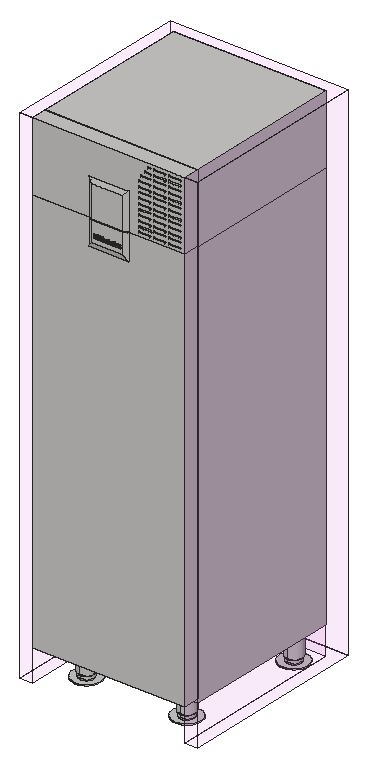
Revit family "QF_ELECTROLUXPROFESSIONAL_691388_PS04F1FM", category Attrezzature speciali, Revit 2018
Family settings
  Quota connettore circolare = Usa diametro
  Tipo di parte = Normale
  Basato su piano di lavoro = No
  Sempre verticale = Sì
  Taglio con vuoti quando caricato = No
  Condiviso = No
  Punto di calcolo locali = No
Parameters (values of type "Standard")
  Weight = 229.281 lbm
  Watts = 620 W
  Volts = 220 V
  URL Manufacturer = "https://www.electroluxprofessional.com/"
  URL = "https://www.electroluxprofessional.com/"
  Steam Supply Size = 0"
  Steam Supply Minimum Pressure = 0.00 psi
  Steam Supply Maximum Pressure = 0.00 psi
  Steam Consumption per Hour = 0
  Show Clearance [instance] = yes
  Refrigeration Suction Line Size = 0 mm
  Refrigeration Liquid Line Size = 0 mm
  Refrigerant Compressor Remote = yes
  Phase = 1
  Modello = "PS04F1FM"
  Produttore = "Electrolux Professional"
  Length Actual = 600 mm  # constant formula
  Item Number = "691388"
  Hot Water Size = 0"
  Height Actual = 2040 mm  # constant formula
  HP = "0.8 HP"
  Gas Size = 0"
  Gas KW = 0
  Gas Input Pressure = 0.0 Btu/h
  Direct Waste Size = 0"
  Descrizione = "1-DOOR FREEZER 470L -15/-22°C, DIGITAL PROSTORE - R290 - 50/60HZ - MARINE"
  Depth Actual = 700 mm  # constant formula
  Cycle = 50 Hz
  Condensate Return Size = 0"
  Compressed Air Volume = 0 GPM
  Compressed Air Size = 0"
  Compressed Air Pressure = 0.00 psi
  Cold Water Size = 0"
  Accessory = yes
Types (2, lengths in mm): name | URL | Phase | Modello | Produttore | Descrizione
  (no name) | "http://professional.electrolux.com/" | 0 | "RBC201" | "Electrolux" | "BLAST CHILLER 56 KG 20 GN1/1"
  Standard | "https://www.electroluxprofessional.com/" | 1 | "PS04F1FM" | "Electrolux Professional" | "1-DOOR FREEZER 470L -15/-22°C, DIGITAL PROSTORE - R290 - 50/60HZ - MARINE"
Values of the unnamed type that differ from the named types
  Weight = 0.00 lbm
  Watts = 0 W
  Volts = 0 V
  URL Manufacturer = ""
  Item Number = ""
  HP = ""
  Cycle = 0 Hz
Reference planes
  plane 1 "BACK": y = 0
  plane 2: z = 0
  plane 3 "LEFT": x = 0
  plane 4 "RIGHT": x = 600
  plane 5 "FRONT": y = -700
  plane 6 "TOP": z = 2040
  plane 7 "Center Y": x = 300
  plane 8 "Center X": y = -350
  plane 9: x = 102
  plane 10: x = 498
  plane 11: z = 115
  plane 12: z = 86
  plane 13: y = -80
  plane 14: y = -694
  plane 15: y = -1227
  plane 16: y = -630
  plane 17: z = 1770
  plane 18: x = -50
  plane 19: y = 50
  plane 20: x = 650
  plane 21: z = 1995
Forms (mm)
  Extrusion 1, solid, material "QF_Metal - Stainless - Polished"
    sketch origin (0, 0, 0) x (1, 0, 0) y (0, 0, 1)
      loop
        line (0, 1995) -> (0, 1724.003) -> (600, 1724.003) -> (600, 1995) -> (0, 1995)
    from 0 to 630
  Extrusion 2, solid, material "QF_Metal - Stainless - Polished"
    sketch origin (0, 0, 0) x (1, 0, 0) y (0, 0, 1)
      loop
        line (0, 1724.003) -> (0, 115) -> (600, 115) -> (600, 1724.003) -> (0, 1724.003)
    from 0 to 630
  Extrusion 3, solid, material "QF_Metal - Stainless - Polished"
    sketch origin (-370, 0, -128) x (1, 0, 0) y (0, 0, 1)
      loop
        circle (450, 1847.083) r 20
    from -7.507 to 0
  Extrusion 4, solid, material "QF_Metal - Stainless - Polished"
    sketch origin (0, 130.478, -45) x (1, 0, 0) y (0, 0, 1)
      loop
        line (0, 2040) -> (0, 1770) -> (600, 1770) -> (600, 2040) -> (0, 2040)
    from 760.478 to 824.478
  Extrusion 5, solid, material "QF_Metal - Stainless - Polished"
    sketch origin (0, 140, 0) x (1, 0, 0) y (0, 0, 1)
      loop
        line (0, 1725) -> (0, 127.536) -> (600, 127.536) -> (600, 1725) -> (0, 1725)
    from 834 to 770
  Revolve 6, solid, material "QF_Metal - Stainless - Polished"
    sketch origin (497.59, -2.833, 0) x (0, 1, 0) y (0, 0, -1)
      loop
        line (-590.954, -115) -> (-553.167, -115) -> (-553.167, 0) -> (-578.757, 0)
        arc (-578.757, 0) -> (-580.973, -2.655) -> (-581.767, -6.021) r 7.527
        line (-581.767, -6.021) -> (-581.767, -17.561) -> (-585.28, -21.074) -> (-585.28, -110.008) -> (-590.954, -110.008) -> (-590.954, -115)
      axis (-553.167, 0) -> (-553.167, -115)
    angle from 0 to 360
  Revolve 7, solid, material "QF_Metal - Stainless - Polished"
    sketch origin (102, -2.833, 0) x (0, 1, 0) y (0, 0, 1)
      loop
        line (-590.954, 115) -> (-590.954, 110.008) -> (-585.28, 110.008) -> (-585.28, 21.074) -> (-581.767, 17.561) -> (-581.767, 6.021)
        arc (-581.767, 6.021) -> (-580.973, 2.655) -> (-578.757, 0) r 7.527
        line (-578.757, 0) -> (-553.167, 0) -> (-553.167, 115) -> (-590.954, 115)
      axis (-553.167, 0) -> (-553.167, 115)
    angle from 0 to 360
  Revolve 8, solid, material "QF_Metal - Stainless - Polished"
    sketch origin (538, -759.167, 0) x (0, -1, 0) y (0, 0, 1)
      loop
        line (-716.954, 115) -> (-716.954, 110.008) -> (-711.28, 110.008) -> (-711.28, 21.074) -> (-707.767, 17.561) -> (-707.767, 6.021)
        arc (-707.767, 6.021) -> (-706.973, 2.655) -> (-704.757, 0) r 7.527
        line (-704.757, 0) -> (-679.167, 0) -> (-679.167, 115) -> (-716.954, 115)
      axis (-679.167, 0) -> (-679.167, 115)
    angle from 0 to 360
  Revolve 9, solid, material "QF_Metal - Stainless - Polished"
    sketch origin (62, -759.167, 0) x (0, -1, 0) y (0, 0, 1)
      loop
        line (-716.954, 115) -> (-716.954, 110.008) -> (-711.28, 110.008) -> (-711.28, 21.074) -> (-707.767, 17.561) -> (-707.767, 6.021)
        arc (-707.767, 6.021) -> (-706.973, 2.655) -> (-704.757, 0) r 7.527
        line (-704.757, 0) -> (-679.167, 0) -> (-679.167, 115) -> (-716.954, 115)
      axis (-679.167, 0) -> (-679.167, 115)
    angle from 0 to 360
  Blend 10, solid, material "QF_Metal - Stainless - Polished"
    base sketch origin (-150, -694, 0) x (1, 0, 0) y (0, 0, 1)
      loop
        line (370, 1869.822) -> (370, 1619.822) -> (530, 1619.822) -> (530, 1869.822) -> (370, 1869.822)
    top sketch origin (-150, -694, 0) x (1, 0, 0) y (0, 0, 1)
      loop
        line (510, 1849.822) -> (390, 1849.822) -> (390, 1639.822) -> (510, 1639.822) -> (510, 1849.822)
    from 0 to 6
  Extrusion 11, void
    sketch origin (-150, -700, 0) x (-1, 0, 0) y (0, 0, 1)
      loop
        line (-370, 1725.997) -> (-530, 1725.997) -> (-530, 1724.003) -> (-370, 1724.003) -> (-370, 1725.997)
    from 0 to 6
  Extrusion 12, solid, material "QF_Door-Drawer Clearances"
    sketch origin (0, 0, 0) x (1, 0, 0) y (0, 1, 0)
      loop
        line (0, -694) -> (0, 0) -> (600, 0) -> (600, -694) -> (650, -694) -> (650, 50) -> (-50, 50) -> (-50, -694) -> (0, -694)
    from 0 to 1995
  Extrusion 13, solid, material "QF_Metal - Stainless - Polished"
    sketch origin (497.59, -556, 0) x (0, -1, 0) y (-1, 0, 0)
      loop
        circle (0, 0) r 55.59
    from 0 to -1.917
  Extrusion 14, solid, material "QF_Metal - Stainless - Polished"
    sketch origin (102, -556, 0) x (0, -1, 0) y (-1, 0, 0)
      loop
        circle (0, 0) r 55.59
    from 0 to -1.917
  Extrusion 15, solid, material "QF_Metal - Stainless - Polished"
    sketch origin (62, -80, 0) x (0, -1, 0) y (-1, 0, 0)
      loop
        circle (0, 0) r 55.59
    from 0 to -1.917
  Extrusion 16, solid, material "QF_Metal - Stainless - Polished"
    sketch origin (538, -80, 0) x (0, -1, 0) y (-1, 0, 0)
      loop
        circle (0, 0) r 55.59
    from 0 to -1.917
  Extrusion 17, void
    sketch origin (0, -694, -45) x (-1, 0, 0) y (0, 0, 1)
      loop
        line (-537.804, 1788.817) -> (-587.804, 1788.817) -> (-587.804, 1780.817) -> (-537.804, 1780.817) -> (-537.804, 1788.817)
      loop
        line (-477.804, 1788.817) -> (-527.804, 1788.817) -> (-527.804, 1780.817) -> (-477.804, 1780.817) -> (-477.804, 1788.817)
      loop
        line (-417.804, 1788.817) -> (-467.804, 1788.817) -> (-467.804, 1780.817) -> (-417.804, 1780.817) -> (-417.804, 1788.817)
    from 0 to 2
  Extrusion 18, void
    sketch origin (0, -694, 195) x (-1, 0, 0) y (0, 0, 1)
      loop
        line (-537.804, 1788.817) -> (-587.804, 1788.817) -> (-587.804, 1780.817) -> (-537.804, 1780.817) -> (-537.804, 1788.817)
      loop
        line (-477.804, 1788.817) -> (-527.804, 1788.817) -> (-527.804, 1780.817) -> (-477.804, 1780.817) -> (-477.804, 1788.817)
      loop
        line (-453.929, 1788.817) -> (-467.804, 1788.817) -> (-467.804, 1780.817) -> (-453.929, 1780.817) -> (-453.929, 1788.817)
    from 0 to 2
  Extrusion 19, void
    sketch origin (0, -694, -25) x (-1, 0, 0) y (0, 0, 1)
      loop
        line (-537.804, 1788.817) -> (-587.804, 1788.817) -> (-587.804, 1780.817) -> (-537.804, 1780.817) -> (-537.804, 1788.817)
      loop
        line (-477.804, 1788.817) -> (-527.804, 1788.817) -> (-527.804, 1780.817) -> (-477.804, 1780.817) -> (-477.804, 1788.817)
      loop
        line (-417.804, 1788.817) -> (-467.804, 1788.817) -> (-467.804, 1780.817) -> (-417.804, 1780.817) -> (-417.804, 1788.817)
    from 0 to 2
  Extrusion 20, void
    sketch origin (0, -694, -5) x (-1, 0, 0) y (0, 0, 1)
      loop
        line (-537.804, 1788.817) -> (-587.804, 1788.817) -> (-587.804, 1780.817) -> (-537.804, 1780.817) -> (-537.804, 1788.817)
      loop
        line (-477.804, 1788.817) -> (-527.804, 1788.817) -> (-527.804, 1780.817) -> (-477.804, 1780.817) -> (-477.804, 1788.817)
      loop
        line (-417.804, 1788.817) -> (-467.804, 1788.817) -> (-467.804, 1780.817) -> (-417.804, 1780.817) -> (-417.804, 1788.817)
    from 0 to 2
  Extrusion 21, void
    sketch origin (0, -694, 15) x (-1, 0, 0) y (0, 0, 1)
      loop
        line (-537.804, 1788.817) -> (-587.804, 1788.817) -> (-587.804, 1780.817) -> (-537.804, 1780.817) -> (-537.804, 1788.817)
      loop
        line (-477.804, 1788.817) -> (-527.804, 1788.817) -> (-527.804, 1780.817) -> (-477.804, 1780.817) -> (-477.804, 1788.817)
      loop
        line (-417.804, 1788.817) -> (-467.804, 1788.817) -> (-467.804, 1780.817) -> (-417.804, 1780.817) -> (-417.804, 1788.817)
    from 0 to 2
  Extrusion 22, void
    sketch origin (0, -694, 35) x (-1, 0, 0) y (0, 0, 1)
      loop
        line (-537.804, 1788.817) -> (-587.804, 1788.817) -> (-587.804, 1780.817) -> (-537.804, 1780.817) -> (-537.804, 1788.817)
      loop
        line (-477.804, 1788.817) -> (-527.804, 1788.817) -> (-527.804, 1780.817) -> (-477.804, 1780.817) -> (-477.804, 1788.817)
      loop
        line (-417.804, 1788.817) -> (-467.804, 1788.817) -> (-467.804, 1780.817) -> (-417.804, 1780.817) -> (-417.804, 1788.817)
    from 0 to 2
  Extrusion 23, void
    sketch origin (0, -694, 55) x (-1, 0, 0) y (0, 0, 1)
      loop
        line (-537.804, 1788.817) -> (-587.804, 1788.817) -> (-587.804, 1780.817) -> (-537.804, 1780.817) -> (-537.804, 1788.817)
      loop
        line (-477.804, 1788.817) -> (-527.804, 1788.817) -> (-527.804, 1780.817) -> (-477.804, 1780.817) -> (-477.804, 1788.817)
      loop
        line (-417.804, 1788.817) -> (-467.804, 1788.817) -> (-467.804, 1780.817) -> (-417.804, 1780.817) -> (-417.804, 1788.817)
    from 0 to 2
  Extrusion 24, void
    sketch origin (0, -694, 75) x (-1, 0, 0) y (0, 0, 1)
      loop
        line (-537.804, 1788.817) -> (-587.804, 1788.817) -> (-587.804, 1780.817) -> (-537.804, 1780.817) -> (-537.804, 1788.817)
      loop
        line (-477.804, 1788.817) -> (-527.804, 1788.817) -> (-527.804, 1780.817) -> (-477.804, 1780.817) -> (-477.804, 1788.817)
      loop
        line (-417.804, 1788.817) -> (-467.804, 1788.817) -> (-467.804, 1780.817) -> (-417.804, 1780.817) -> (-417.804, 1788.817)
    from 0 to 2
  Extrusion 25, void
    sketch origin (0, -694, 95) x (-1, 0, 0) y (0, 0, 1)
      loop
        line (-537.804, 1788.817) -> (-587.804, 1788.817) -> (-587.804, 1780.817) -> (-537.804, 1780.817) -> (-537.804, 1788.817)
      loop
        line (-477.804, 1788.817) -> (-527.804, 1788.817) -> (-527.804, 1780.817) -> (-477.804, 1780.817) -> (-477.804, 1788.817)
      loop
        line (-417.804, 1788.817) -> (-467.804, 1788.817) -> (-467.804, 1780.817) -> (-417.804, 1780.817) -> (-417.804, 1788.817)
    from 0 to 2
  Extrusion 26, void
    sketch origin (0, -694, 115) x (-1, 0, 0) y (0, 0, 1)
      loop
        line (-537.804, 1788.817) -> (-587.804, 1788.817) -> (-587.804, 1780.817) -> (-537.804, 1780.817) -> (-537.804, 1788.817)
      loop
        line (-477.804, 1788.817) -> (-527.804, 1788.817) -> (-527.804, 1780.817) -> (-477.804, 1780.817) -> (-477.804, 1788.817)
      loop
        line (-417.804, 1788.817) -> (-467.804, 1788.817) -> (-467.804, 1780.817) -> (-417.804, 1780.817) -> (-417.804, 1788.817)
    from 0 to 2
  Extrusion 27, void
    sketch origin (0, -694, 135) x (-1, 0, 0) y (0, 0, 1)
      loop
        line (-537.804, 1788.817) -> (-587.804, 1788.817) -> (-587.804, 1780.817) -> (-537.804, 1780.817) -> (-537.804, 1788.817)
      loop
        line (-477.804, 1788.817) -> (-527.804, 1788.817) -> (-527.804, 1780.817) -> (-477.804, 1780.817) -> (-477.804, 1788.817)
      loop
        line (-417.804, 1788.817) -> (-467.804, 1788.817) -> (-467.804, 1780.817) -> (-417.804, 1780.817) -> (-417.804, 1788.817)
    from 0 to 2
  Extrusion 28, void
    sketch origin (0, -694, 155) x (-1, 0, 0) y (0, 0, 1)
      loop
        line (-537.804, 1788.817) -> (-587.804, 1788.817) -> (-587.804, 1780.817) -> (-537.804, 1780.817) -> (-537.804, 1788.817)
      loop
        line (-477.804, 1788.817) -> (-527.804, 1788.817) -> (-527.804, 1780.817) -> (-477.804, 1780.817) -> (-477.804, 1788.817)
      loop
        line (-426.702, 1788.817) -> (-467.804, 1788.817) -> (-467.804, 1780.817) -> (-426.702, 1780.817) -> (-426.702, 1788.817)
    from 0 to 2
  Extrusion 29, void
    sketch origin (0, -694, 175) x (-1, 0, 0) y (0, 0, 1)
      loop
        line (-537.804, 1788.817) -> (-587.804, 1788.817) -> (-587.804, 1780.817) -> (-537.804, 1780.817) -> (-537.804, 1788.817)
      loop
        line (-477.804, 1788.817) -> (-527.804, 1788.817) -> (-527.804, 1780.817) -> (-477.804, 1780.817) -> (-477.804, 1788.817)
      loop
        line (-441.24, 1788.817) -> (-467.804, 1788.817) -> (-467.804, 1780.817) -> (-441.24, 1780.817) -> (-441.24, 1788.817)
    from 0 to 2
  Extrusion 30, solid, material "QF_Door-Drawer Clearances", visible <- "Show Clearance", detail levels coarse
    sketch origin (0, 0, 0) x (1, 0, 0) y (0, 1, 0)
      loop
        line (600, -694) -> (0, -694)
        arc (0, -694) -> (187.42, -1087.232) -> (600, -1227) r 559.707
        line (600, -1227) -> (600, -694)
    from 127.536 to 1725
Cuts and joins
  Extrusion 11, Extrusion 17 cuts Extrusion 1
  Extrusion 11 cuts Extrusion 2
  Extrusion 11, Extrusion 17, Extrusion 18, Extrusion 19, Extrusion 20, Extrusion 21, Extrusion 22, Extrusion 23, Extrusion 24, Extrusion 25, Extrusion 26, Extrusion 27, Extrusion 28, Extrusion 29 cuts Extrusion 4
  Extrusion 11 cuts Extrusion 5
  Extrusion 11 cuts Blend 10
  joined: Revolve 6, Extrusion 13
Lines and regions (mm)
  Split face 1
    outline origin (-150, -700, 0) x (1, 0, 0) y (0, 0, 1)
      loop
        line (415, 1849.822) -> (415, 1697.499) -> (485, 1697.499) -> (485, 1849.822)
  symbolic lines
    curve 1: line (0, 0, 0) -> (600, 0, 0)
    curve 2: line (0, -694, 0) -> (0, 0, 0)
    curve 3: line (600, -694, 0) -> (0, -694, 0)
    curve 4: line (600, 0, 0) -> (600, -694, 0)
    curve 5: line (0, -630, 0) -> (600, -630, 0)
    curve 6: line (220, -694, 0) -> (240, -700, 0)
    curve 7: line (240, -700, 0) -> (360, -700, 0)
    curve 8: line (360, -700, 0) -> (380, -694, 0)
  symbolic lines, style "QF_Door-Drawer Clearances"
    curve 9: line (0, -694, 0) -> (-50, -694, 0)
    curve 10: line (-50, -694, 0) -> (-50, 50, 0)
    curve 11: line (-50, 50, 0) -> (650, 50, 0)
    curve 12: line (650, 50, 0) -> (650, -694, 0)
    curve 13: line (650, -694, 0) -> (600, -694, 0)
    curve 14: arc (0, -694, 0) -> (187.42, -1087.232, 0) -> (600, -1227, 0) r 559.707
    curve 15: line (600, -1227, 0) -> (600, -694, 0)
Dimensions and locks
  equal spacing: plane 3 "LEFT", plane 7 "Center Y", plane 4 "RIGHT"
  plane 3 "LEFT" to plane 4 "RIGHT" = 600 mm
  equal spacing: plane 5 "FRONT", plane 8 "Center X", plane 1 "BACK"
  plane 5 "FRONT" to plane 1 "BACK" = 700 mm
  plane 6 "TOP" to level = 2040 mm
  plane 9 to plane 3 "LEFT" = 102 mm
  plane 10 to plane 4 "RIGHT" = 102 mm
  plane 11 to level = 115 mm
  plane 12 to plane 11 = 29 mm
  plane 1 "BACK" to plane 13 = 80 mm
  plane 15 to plane 1 "BACK" = 1227 mm
  plane 11 to plane 2 = 115 mm
  plane 1 "BACK" to plane 16 = 630 mm
  plane 18 to plane 3 "LEFT" = 50 mm
  plane 4 "RIGHT" to plane 20 = 50 mm
  plane 1 "BACK" to plane 19 = 50 mm
  plane 21 to level = 1995 mm
  aligned and locked: level to plane 2
  aligned and locked: Extrusion 4 to plane 4 "RIGHT"
  aligned and locked: Extrusion 4 to plane 3 "LEFT"
  aligned and locked: plane 5 "FRONT" to Blend 10
Automatic sketch dimensions
  Extrusion 3 sketch curve to plane 9 = 22 mm
  Extrusion 3 sketch curve to plane 17 = 50.917 mm
  plane 11 to Revolve 6 sketch curve = 0 mm
  Revolve 6 sketch curve to level = 0 mm
  plane 16 to Revolve 6 sketch curve = 36.213 mm
  Revolve 6 sketch curve to Revolve 6 sketch curve = 5.674 mm
  Revolve 6 sketch curve to Revolve 6 sketch curve = 3.513 mm  (x2)
  Revolve 6 sketch curve to Revolve 6 sketch curve = 3.01 mm
  level to Revolve 6 sketch curve = 6.021 mm
  Revolve 6 sketch curve to Revolve 6 sketch curve = 21.073 mm
  Revolve 6 sketch curve to plane 11 = 4.992 mm  (x2)
  Revolve 6 sketch curve to Revolve 6 sketch curve = 15.053 mm
  Revolve 6 sketch curve to Revolve 6 sketch curve = 0 mm
  Revolve 6 sketch curve to Revolve 6 sketch curve = 20.008 mm
  Revolve 7 sketch curve to plane 11 = 0 mm
  Revolve 7 sketch curve to level = 0 mm
  plane 16 to Revolve 7 sketch curve = 36.213 mm
  Revolve 7 sketch curve to Revolve 7 sketch curve = 5.674 mm
  Revolve 7 sketch curve to Revolve 7 sketch curve = 3.513 mm  (x2)
  Revolve 7 sketch curve to Revolve 7 sketch curve = 3.01 mm
  level to Revolve 7 sketch curve = 6.021 mm
  Revolve 7 sketch curve to Revolve 7 sketch curve = 21.073 mm
  Revolve 7 sketch curve to Revolve 7 sketch curve = 11.54 mm
  Revolve 7 sketch curve to plane 11 = 4.992 mm
  Revolve 7 sketch curve to Revolve 7 sketch curve = 0 mm
  Revolve 7 sketch curve to Revolve 7 sketch curve = 4.992 mm
  plane 11 to Revolve 7 sketch curve = 20.008 mm
  Revolve 8 sketch curve to plane 11 = 0 mm
  Revolve 8 sketch curve to level = 0 mm
  Revolve 8 sketch curve to plane 13 = 0 mm  (x2)
  level to Revolve 8 sketch curve = 6.021 mm
  Revolve 8 sketch curve to plane 13 = 21.073 mm
  Revolve 8 sketch curve to Revolve 8 sketch curve = 4.517 mm
  Revolve 8 sketch curve to Revolve 8 sketch curve = 3.513 mm  (x2)
  Revolve 8 sketch curve to Revolve 8 sketch curve = 5.674 mm
  Revolve 8 sketch curve to Revolve 8 sketch curve = 11.54 mm
  Revolve 8 sketch curve to plane 11 = 4.992 mm  (x2)
  Revolve 8 sketch curve to Revolve 8 sketch curve = 20.008 mm
  Revolve 9 sketch curve to plane 11 = 0 mm
  Revolve 9 sketch curve to level = 0 mm
  Revolve 9 sketch curve to plane 13 = 0 mm  (x2)
  Revolve 9 sketch curve to level = 6.021 mm
  plane 13 to Revolve 9 sketch curve = 21.073 mm
  Revolve 9 sketch curve to Revolve 9 sketch curve = 4.517 mm
  Revolve 9 sketch curve to Revolve 9 sketch curve = 3.513 mm  (x2)
  Revolve 9 sketch curve to Revolve 9 sketch curve = 5.674 mm
  Revolve 9 sketch curve to Revolve 9 sketch curve = 11.54 mm
  plane 11 to Revolve 9 sketch curve = 4.992 mm  (x2)
  Revolve 9 sketch curve to Revolve 9 sketch curve = 20.008 mm
  Extrusion 14 sketch curve to Extrusion 14 sketch curve = 0 mm  (x2)
  Extrusion 14 sketch curve to Revolve 6 = 395.59 mm
  Extrusion 14 sketch curve to Extrusion 14 sketch curve = 55.59 mm
  Extrusion 15 sketch curve to Extrusion 15 sketch curve = 0 mm  (x2)
  Extrusion 15 sketch curve to Revolve 6 = 435.59 mm
  Extrusion 15 sketch curve to Extrusion 15 sketch curve = 55.59 mm
  Extrusion 16 sketch curve to Extrusion 16 sketch curve = 0 mm  (x2)
  Revolve 6 to Extrusion 16 sketch curve = 40.41 mm
  Extrusion 16 sketch curve to Extrusion 16 sketch curve = 55.59 mm
  plane 14 to curve 10 = 0 mm
  curve 10 to plane 18 = 0 mm
  plane 5 "FRONT" to curve 7 = 0 mm
  plane 1 "BACK" to curve 1 = 0 mm
  curve 1 to plane 4 "RIGHT" = 0 mm
  curve 12 to plane 19 = 0 mm
  curve 12 to plane 20 = 0 mm
  curve 15 to plane 15 = 0 mm
  curve 5 to plane 16 = 0 mm
  curve 7 to plane 7 "Center Y" = 60 mm
  plane 7 "Center Y" to curve 7 = 60 mm
  curve 14 to plane 14 = 25.214 mm
  curve 6 to curve 6 = 20 mm
  curve 7 to curve 8 = 20 mm
  Extrusion 1 sketch curve to plane 3 "LEFT" = 0 mm
  plane 4 "RIGHT" to Extrusion 1 sketch curve = 0 mm
  Extrusion 1 sketch curve to plane 21 = 0 mm
  Extrusion 1 sketch curve to plane 17 = 45.997 mm
  Extrusion 2 sketch curve to plane 3 "LEFT" = 0 mm
  plane 4 "RIGHT" to Extrusion 2 sketch curve = 0 mm
  Extrusion 2 sketch curve to plane 11 = 0 mm
  Extrusion 2 sketch curve to plane 17 = 45.997 mm
  Extrusion 4 sketch curve to plane 3 "LEFT" = 0 mm
  plane 4 "RIGHT" to Extrusion 4 sketch curve = 0 mm
  Extrusion 4 sketch curve to plane 21 = 0 mm
  Extrusion 4 sketch curve to plane 17 = 45 mm
  Extrusion 5 sketch curve to plane 3 "LEFT" = 0 mm
  plane 4 "RIGHT" to Extrusion 5 sketch curve = 0 mm
  plane 11 to Extrusion 5 sketch curve = 12.536 mm
  Extrusion 5 sketch curve to plane 17 = 45 mm
  Blend 10 sketch curve to Extrusion 5 = 105.178 mm
  Blend 10 sketch curve to Extrusion 5 = 220 mm
  Blend 10 sketch curve to Blend 10 sketch curve = 160 mm
  Extrusion 5 to Blend 10 sketch curve = 144.822 mm
  Blend 10 sketch curve to Extrusion 5 = 240 mm
  Blend 10 sketch curve to Blend 10 sketch curve = 120 mm
  Blend 10 sketch curve to Extrusion 5 = 85.178 mm
  Extrusion 5 to Blend 10 sketch curve = 124.822 mm
  Split face 1 sketch curve to Blend 10 = 0 mm  (x2)
  Split face 1 sketch curve to Blend 10 = 25 mm  (x2)
  Split face 1 sketch curve to Blend 10 = 57.677 mm
  Extrusion 11 sketch curve to Blend 10 = 20 mm  (x2)
  Blend 10 to Extrusion 11 sketch curve = 84.181 mm
  Extrusion 11 sketch curve to Extrusion 11 sketch curve = 1.995 mm
  plane 14 to Extrusion 12 sketch curve = 0 mm  (x2)
  Extrusion 12 sketch curve to plane 18 = 0 mm
  Extrusion 12 sketch curve to plane 3 "LEFT" = 0 mm
  Extrusion 12 sketch curve to plane 4 "RIGHT" = 0 mm
  Extrusion 12 sketch curve to plane 19 = 0 mm
  Extrusion 12 sketch curve to plane 20 = 0 mm
  plane 1 "BACK" to Extrusion 12 sketch curve = 0 mm
  Extrusion 4 to Extrusion 17 sketch curve = 12.196 mm
  Extrusion 4 to Extrusion 17 sketch curve = 10.817 mm  (x3)
  Extrusion 17 sketch curve to Extrusion 17 sketch curve = 50 mm  (x3)
  Extrusion 17 sketch curve to Extrusion 17 sketch curve = 10 mm  (x2)
  Extrusion 17 sketch curve to Extrusion 17 sketch curve = 8 mm  (x3)
  Extrusion 4 to Extrusion 18 sketch curve = 12.196 mm
  Extrusion 4 to Extrusion 18 sketch curve = 19.183 mm  (x3)
  Extrusion 18 sketch curve to Extrusion 18 sketch curve = 50 mm  (x2)
  Extrusion 18 sketch curve to Extrusion 18 sketch curve = 10 mm  (x2)
  Extrusion 18 sketch curve to Extrusion 18 sketch curve = 13.876 mm
  Extrusion 18 sketch curve to Extrusion 18 sketch curve = 8 mm  (x3)
  Extrusion 4 to Extrusion 19 sketch curve = 12.196 mm
  Extrusion 19 sketch curve to Extrusion 19 sketch curve = 50 mm  (x3)
  Extrusion 19 sketch curve to Extrusion 19 sketch curve = 10 mm  (x2)
  Extrusion 4 to Extrusion 19 sketch curve = 30.817 mm  (x2)
  Extrusion 19 sketch curve to Extrusion 19 sketch curve = 0 mm
  Extrusion 19 sketch curve to Extrusion 19 sketch curve = 8 mm  (x3)
  Extrusion 4 to Extrusion 20 sketch curve = 12.196 mm
  Extrusion 20 sketch curve to Extrusion 20 sketch curve = 50 mm  (x3)
  Extrusion 20 sketch curve to Extrusion 20 sketch curve = 10 mm  (x2)
  Extrusion 4 to Extrusion 20 sketch curve = 50.817 mm  (x2)
  Extrusion 20 sketch curve to Extrusion 20 sketch curve = 0 mm
  Extrusion 20 sketch curve to Extrusion 20 sketch curve = 8 mm  (x3)
  Extrusion 4 to Extrusion 21 sketch curve = 12.196 mm
  Extrusion 21 sketch curve to Extrusion 21 sketch curve = 50 mm  (x3)
  Extrusion 21 sketch curve to Extrusion 21 sketch curve = 10 mm  (x2)
  Extrusion 4 to Extrusion 21 sketch curve = 70.817 mm
  Extrusion 21 sketch curve to Extrusion 21 sketch curve = 0 mm  (x2)
  Extrusion 21 sketch curve to Extrusion 21 sketch curve = 8 mm  (x3)
  Extrusion 4 to Extrusion 22 sketch curve = 12.196 mm
  Extrusion 22 sketch curve to Extrusion 22 sketch curve = 50 mm  (x3)
  Extrusion 22 sketch curve to Extrusion 22 sketch curve = 10 mm  (x2)
  Extrusion 4 to Extrusion 22 sketch curve = 90.817 mm
  Extrusion 22 sketch curve to Extrusion 22 sketch curve = 0 mm  (x2)
  Extrusion 22 sketch curve to Extrusion 22 sketch curve = 8 mm  (x3)
  Extrusion 4 to Extrusion 23 sketch curve = 12.196 mm
  Extrusion 23 sketch curve to Extrusion 23 sketch curve = 50 mm  (x3)
  Extrusion 23 sketch curve to Extrusion 23 sketch curve = 10 mm  (x2)
  Extrusion 4 to Extrusion 23 sketch curve = 110.817 mm
  Extrusion 23 sketch curve to Extrusion 23 sketch curve = 0 mm  (x2)
  Extrusion 23 sketch curve to Extrusion 23 sketch curve = 8 mm  (x3)
  Extrusion 4 to Extrusion 24 sketch curve = 12.196 mm
  Extrusion 24 sketch curve to Extrusion 24 sketch curve = 50 mm  (x3)
  Extrusion 24 sketch curve to Extrusion 24 sketch curve = 10 mm  (x2)
  Extrusion 4 to Extrusion 24 sketch curve = 130.817 mm
  Extrusion 24 sketch curve to Extrusion 24 sketch curve = 0 mm  (x2)
  Extrusion 24 sketch curve to Extrusion 24 sketch curve = 8 mm  (x3)
  Extrusion 4 to Extrusion 25 sketch curve = 12.196 mm
  Extrusion 25 sketch curve to Extrusion 25 sketch curve = 50 mm  (x3)
  Extrusion 25 sketch curve to Extrusion 25 sketch curve = 10 mm  (x2)
  Extrusion 4 to Extrusion 25 sketch curve = 119.183 mm
  Extrusion 25 sketch curve to Extrusion 25 sketch curve = 0 mm  (x2)
  Extrusion 25 sketch curve to Extrusion 25 sketch curve = 8 mm  (x3)
  Extrusion 4 to Extrusion 26 sketch curve = 12.196 mm
  Extrusion 26 sketch curve to Extrusion 26 sketch curve = 50 mm  (x3)
  Extrusion 26 sketch curve to Extrusion 26 sketch curve = 10 mm  (x2)
  Extrusion 4 to Extrusion 26 sketch curve = 99.183 mm
  Extrusion 26 sketch curve to Extrusion 26 sketch curve = 0 mm  (x2)
  Extrusion 26 sketch curve to Extrusion 26 sketch curve = 8 mm  (x3)
  Extrusion 4 to Extrusion 27 sketch curve = 12.196 mm
  Extrusion 27 sketch curve to Extrusion 27 sketch curve = 50 mm  (x3)
  Extrusion 27 sketch curve to Extrusion 27 sketch curve = 10 mm  (x2)
  Extrusion 4 to Extrusion 27 sketch curve = 79.183 mm
  Extrusion 27 sketch curve to Extrusion 27 sketch curve = 0 mm  (x2)
  Extrusion 27 sketch curve to Extrusion 27 sketch curve = 8 mm  (x3)
  Extrusion 4 to Extrusion 28 sketch curve = 12.196 mm
  Extrusion 28 sketch curve to Extrusion 28 sketch curve = 50 mm  (x2)
  Extrusion 28 sketch curve to Extrusion 28 sketch curve = 10 mm  (x2)
  Extrusion 28 sketch curve to Extrusion 28 sketch curve = 41.103 mm
  Extrusion 4 to Extrusion 28 sketch curve = 59.183 mm
  Extrusion 28 sketch curve to Extrusion 28 sketch curve = 0 mm  (x2)
  Extrusion 28 sketch curve to Extrusion 28 sketch curve = 8 mm  (x3)
  Extrusion 4 to Extrusion 29 sketch curve = 12.196 mm
  Extrusion 29 sketch curve to Extrusion 29 sketch curve = 50 mm  (x2)
  Extrusion 29 sketch curve to Extrusion 29 sketch curve = 10 mm  (x2)
  Extrusion 29 sketch curve to Extrusion 29 sketch curve = 26.564 mm
  Extrusion 4 to Extrusion 29 sketch curve = 39.183 mm
  Extrusion 29 sketch curve to Extrusion 29 sketch curve = 0 mm  (x2)
  Extrusion 29 sketch curve to Extrusion 29 sketch curve = 8 mm  (x3)
  Extrusion 30 sketch curve to plane 3 "LEFT" = 0 mm
  Extrusion 30 sketch curve to plane 4 "RIGHT" = 0 mm
  Extrusion 30 sketch curve to plane 15 = 0 mm
  plane 14 to Extrusion 30 sketch curve = 0 mm
  Extrusion 30 sketch curve to plane 14 = 25.214 mm
  curve 3 to plane 3 "LEFT" = 0 mm
  radius of Extrusion 3 sketch curve = 20 mm
  radius of Revolve 6 to Extrusion 13 sketch curve = 30 mm
Nested families
  nested 1: "ELX_Logo_S" at (300.625, -700, 1669.375) x (1, 0, 0) z (0, -1, 0), type "ELX_Logo_S"
Connectors
  electrical at (80, 7.507, 1719.083), driven by "Volts"
    settings: on Extrusion 3, index 2, voltage 220 V, apparent load 0 VA, apparent load phase1 0 VA, apparent load phase2 0 VA, apparent load phase3 0 VA, power factor 1, load classification "Other", number of poles 1, system type 30, power factor state 1, is connector primary yes, connector utility no, sub classification motor no, connector description "Electrical Connection"
Definition of nested family "ELX_Logo_S"
  Parameters (values of type "ELX_Logo_S")
    Default Elevation = 0 mm
  Reference planes
    plane 1 "Centro (Fronte/Retro)": y = 0
    plane 2: z = 0
    plane 3 "Centro (Sinistra/Destra)": x = 0
  Forms (mm)
    Extrusion 1, solid
      sketch origin (0, 0, 0) x (1, 0, 0) y (0, 1, 0)
        loop
          line (-1219.2, 1219.2) -> (-1219.2, -1219.2) -> (1219.2, -1219.2) -> (1219.2, 1219.2) -> (-1219.2, 1219.2)
      from 0 to -304.8
    Extrusion 2, solid
      sketch origin (0, 0, 0) x (1, 0, 0) y (0, 1, 0)
        loop
          line (-43.793, 5.912) -> (-43.793, -6.455)
          arc (-43.793, -6.455) -> (-39.222, -0.272) -> (-43.793, 5.912) r 6.467
        loop
          arc (-44.422, 5.912) -> (-49.565, 4.743) -> (-52.043, 0.087) r 6.338
          line (-52.043, 0.087) -> (-49.997, 0.087)
          arc (-49.997, 0.087) -> (-46.342, 1.57) -> (-44.422, 5.016) r 5.941
          line (-44.422, 5.016) -> (-44.422, 5.912)
        loop
          arc (-44.422, -5.559) -> (-46.342, -2.114) -> (-49.997, -0.63) r 5.941
          line (-49.997, -0.63) -> (-52.043, -0.63)
          arc (-52.043, -0.63) -> (-49.569, -5.324) -> (-44.422, -6.614) r 6.504
          line (-44.422, -6.614) -> (-44.422, -5.559)
        loop
          line (-52.512, 6.586) -> (-52.512, -7.158) -> (-38.749, -7.158) -> (-38.749, 6.586) -> (-52.512, 6.586)
        loop
          arc (-35.782, 6.67) -> (-36.139, 6.322) -> (-35.801, 5.955) r 0.358
          arc (-35.801, 5.955) -> (-35.051, 5.641) -> (-34.666, 4.924) r 1.216
          line (-34.666, 4.924) -> (-34.666, -5.488)
          arc (-34.666, -5.488) -> (-34.944, -6.148) -> (-35.54, -6.544) r 1.238
          arc (-35.54, -6.544) -> (-35.791, -6.939) -> (-35.437, -7.244) r 0.358
          line (-35.437, -7.244) -> (-25.558, -7.244) -> (-25.558, -4.494) -> (-26.455, -4.494)
          arc (-26.455, -4.494) -> (-27.035, -5.403) -> (-28.012, -5.858) r 1.928
          line (-28.012, -5.858) -> (-30.511, -5.858)
          arc (-30.511, -5.858) -> (-31.24, -5.583) -> (-31.604, -4.894) r 1.101
          line (-31.604, -4.894) -> (-31.604, -0.808) -> (-27.931, -0.808)
          arc (-27.931, -0.808) -> (-27.434, -1.16) -> (-27.206, -1.725) r 1.083
          arc (-27.206, -1.725) -> (-26.9, -1.989) -> (-26.622, -1.697) r 0.292
          line (-26.622, -1.697) -> (-26.622, 1.265)
          arc (-26.622, 1.265) -> (-26.895, 1.568) -> (-27.225, 1.329) r 0.305
          arc (-27.225, 1.329) -> (-27.473, 0.839) -> (-27.931, 0.534) r 1.083
          line (-27.931, 0.534) -> (-31.604, 0.534) -> (-31.604, 5.211) -> (-27.857, 5.211)
          arc (-27.857, 5.211) -> (-27.101, 4.997) -> (-26.603, 4.39) r 1.314
          arc (-26.603, 4.39) -> (-26.199, 4.171) -> (-25.907, 4.526) r 0.361
          line (-25.907, 4.526) -> (-25.907, 6.67) -> (-35.782, 6.67)
        loop
          arc (-25.126, 5.953) -> (-24.207, 5.572) -> (-23.827, 4.654) r 1.299
          line (-23.827, 4.654) -> (-23.827, -4.925)
          arc (-23.827, -4.925) -> (-24.205, -5.763) -> (-25.083, -6.035) r 1.118
          line (-25.083, -6.035) -> (-25.083, -7.244) -> (-19.733, -7.244) -> (-19.733, -6.056)
          arc (-19.733, -6.056) -> (-20.65, -5.784) -> (-21.046, -4.914) r 1.153
          line (-21.046, -4.914) -> (-21.046, 7.158) -> (-25.126, 5.953)
        loop
          line (-17.097, -2.28) -> (-10.65, -2.28) -> (-10.65, -1.481)
          arc (-10.65, -1.481) -> (-11.634, 1.1) -> (-14.088, 2.369) r 3.874
          line (-14.088, 2.369) -> (-15.848, 2.369)
          arc (-15.848, 2.369) -> (-18.713, 1.182) -> (-19.899, -1.682) r 4.051
          line (-19.899, -1.682) -> (-19.899, -3.691)
          arc (-19.899, -3.691) -> (-18.414, -6.509) -> (-15.407, -7.561) r 4.352
          arc (-15.407, -7.561) -> (-12.944, -7.196) -> (-10.87, -5.819) r 5.713
          line (-10.87, -5.819) -> (-10.87, -4.87)
          arc (-10.87, -4.87) -> (-12.439, -5.603) -> (-14.157, -5.819) r 5.579
          arc (-14.157, -5.819) -> (-16.12, -5.025) -> (-17.097, -3.146) r 3.057
          line (-17.097, -3.146) -> (-17.097, -2.28)
        loop
          line (-17.097, -1.02) -> (-13.515, -1.02)
          arc (-13.515, -1.02) -> (-13.468, 0.436) -> (-14.627, 1.319) r 1.59
          line (-14.627, 1.319) -> (-15.457, 1.319)
          arc (-15.457, 1.319) -> (-16.712, 0.455) -> (-17.097, -1.02) r 2.184
        loop
          arc (-1.232, 1.771) -> (-2.906, 2.259) -> (-4.643, 2.417) r 9.023
          line (-4.643, 2.417) -> (-6.005, 2.417)
          arc (-6.005, 2.417) -> (-8.805, 1.257) -> (-9.965, -1.542) r 3.959
          line (-9.965, -1.542) -> (-9.965, -4.142)
          arc (-9.965, -4.142) -> (-8.672, -6.424) -> (-6.299, -7.541) r 4.331
          line (-6.299, -7.541) -> (-4.164, -7.541)
          arc (-4.164, -7.541) -> (-2.614, -7.033) -> (-1.268, -6.112) r 5.772
          arc (-1.268, -6.112) -> (-1.217, -5.35) -> (-1.976, -5.263) r 0.553
          arc (-1.976, -5.263) -> (-2.71, -5.651) -> (-3.529, -5.785) r 2.573
          line (-3.529, -5.785) -> (-5.044, -5.785)
          arc (-5.044, -5.785) -> (-6.686, -4.779) -> (-7.328, -2.965) r 2.884
          line (-7.328, -2.965) -> (-7.328, -1.686)
          arc (-7.328, -1.686) -> (-6.768, 0.135) -> (-5.103, 1.062) r 2.554
          line (-5.103, 1.062) -> (-4.05, 1.062)
          arc (-4.05, 1.062) -> (-3.122, 0.73) -> (-2.387, 0.073) r 2.564
          arc (-2.387, 0.073) -> (-1.67, -0.148) -> (-1.232, 0.461) r 0.643
          line (-1.232, 0.461) -> (-1.232, 1.771)
        loop
          line (-0.962, 0.752) -> (0.539, 0.752) -> (0.539, -5.296)
          arc (0.539, -5.296) -> (1.197, -6.884) -> (2.785, -7.541) r 2.246
          line (2.785, -7.541) -> (4.369, -7.541)
          arc (4.369, -7.541) -> (5.233, -7.228) -> (6.005, -6.727) r 4.06
          arc (6.005, -6.727) -> (6.138, -5.995) -> (5.437, -5.743) r 0.576
          arc (5.437, -5.743) -> (4.911, -5.849) -> (4.379, -5.785) r 1.69
          arc (4.379, -5.785) -> (3.591, -5.244) -> (3.288, -4.337) r 1.506
          line (3.288, -4.337) -> (3.288, 0.801) -> (5.685, 0.801) -> (6.241, 1.357) -> (6.241, 2.179) -> (3.382, 2.179) -> (3.382, 5.41) -> (-0.962, 0.752)
        loop
          line (7.139, -7.324) -> (12.526, -7.324) -> (12.526, -6.214)
          arc (12.526, -6.214) -> (11.575, -5.82) -> (11.181, -4.869) r 1.345
          line (11.181, -4.869) -> (11.181, -1.253)
          arc (11.181, -1.253) -> (11.773, -0.488) -> (12.695, -0.199) r 1.615
          line (12.695, -0.199) -> (14.251, -0.199) -> (14.936, 2.357) -> (13.553, 2.357) -> (10.994, 0.414) -> (10.994, 2.295) -> (8.288, 2.01)
          arc (8.288, 2.01) -> (7.758, 1.571) -> (7.959, 0.912) r 0.621
          arc (7.959, 0.912) -> (8.301, 0.512) -> (8.484, 0.018) r 1.501
          line (8.484, 0.018) -> (8.484, -4.869)
          arc (8.484, -4.869) -> (8.09, -5.82) -> (7.139, -6.214) r 1.345
          line (7.139, -6.214) -> (7.139, -7.324)
        loop
          line (14.473, -1.222) -> (14.473, -3.914)
          arc (14.473, -3.914) -> (15.781, -6.36) -> (18.311, -7.494) r 4.288
          arc (18.311, -7.494) -> (19.692, -7.557) -> (21.072, -7.494) r 15.022
          arc (21.072, -7.494) -> (23.603, -6.36) -> (24.91, -3.914) r 4.288
          line (24.91, -3.914) -> (24.91, -1.222)
          arc (24.91, -1.222) -> (23.603, 1.223) -> (21.072, 2.357) r 4.288
          arc (21.072, 2.357) -> (19.692, 2.421) -> (18.311, 2.357) r 15.022
          arc (18.311, 2.357) -> (15.781, 1.223) -> (14.473, -1.222) r 4.288
        loop
          line (17.587, -1.017) -> (17.587, -4.119)
          arc (17.587, -4.119) -> (19.744, -6.276) -> (21.901, -4.119) r 2.157
          line (21.901, -4.119) -> (21.901, -1.017)
          arc (21.901, -1.017) -> (19.744, 1.14) -> (17.587, -1.017) r 2.157
        loop
          arc (24.768, 5.964) -> (25.662, 5.593) -> (26.033, 4.699) r 1.264
          line (26.033, 4.699) -> (26.033, -5.165)
          arc (26.033, -5.165) -> (25.636, -6.035) -> (24.72, -6.307) r 1.153
          line (24.72, -6.307) -> (24.72, -7.244) -> (29.828, -7.244) -> (29.828, -6.316)
          arc (29.828, -6.316) -> (29.056, -5.957) -> (28.741, -5.165) r 1.153
          line (28.741, -5.165) -> (28.741, 7.158) -> (24.768, 5.964)
        loop
          arc (29.365, 1.084) -> (30.43, 0.885) -> (30.912, -0.085) r 1.215
          line (30.912, -0.085) -> (30.912, -5.105)
          arc (30.912, -5.105) -> (31.559, -6.719) -> (33.142, -7.44) r 2.338
          line (33.142, -7.44) -> (34.657, -7.44)
          arc (34.657, -7.44) -> (35.661, -7.266) -> (36.547, -6.763) r 2.979
          line (36.547, -6.763) -> (38.344, -7.244) -> (40.032, -7.244) -> (40.032, 2.181) -> (35.829, 1.887) -> (35.829, 1.101)
          arc (35.829, 1.101) -> (36.665, 0.745) -> (37.174, -0.007) r 1.605
          line (37.174, -0.007) -> (37.174, -5.11)
          arc (37.174, -5.11) -> (36.237, -5.531) -> (35.213, -5.603) r 2.94
          arc (35.213, -5.603) -> (34.112, -5.042) -> (33.669, -3.889) r 1.724
          line (33.669, -3.889) -> (33.669, 2.307) -> (29.365, 1.084)
        loop
          line (40.886, 2.112) -> (42.932, 0.44) -> (45.238, -2.734) -> (42.126, -6.191)
          arc (42.126, -6.191) -> (41.732, -6.428) -> (41.273, -6.405) r 0.789
          line (41.273, -6.405) -> (41.273, -7.244) -> (44.818, -7.244) -> (44.818, -6.418)
          arc (44.818, -6.418) -> (44.456, -6.076) -> (44.548, -5.586) r 0.52
          line (44.548, -5.586) -> (46.019, -3.786) -> (47.394, -5.904)
          arc (47.394, -5.904) -> (47.084, -6.305) -> (46.585, -6.392) r 0.7
          line (46.585, -6.392) -> (46.585, -7.244) -> (52.512, -7.244) -> (52.512, -6.358)
          arc (52.512, -6.358) -> (51.853, -6.291) -> (51.322, -5.896) r 1.247
          line (51.322, -5.896) -> (48.041, -1.696) -> (50.094, 0.751) -> (51.836, 2.112) -> (48.112, 2.112) -> (48.535, 0.627) -> (47.258, -0.895) -> (46.068, 0.806) -> (46.844, 2.112) -> (40.886, 2.112)
      from 0 to 1.644
  Dimensions and locks
    aligned and locked: plane 2 to Extrusion 1
    aligned and locked: level to Extrusion 1
